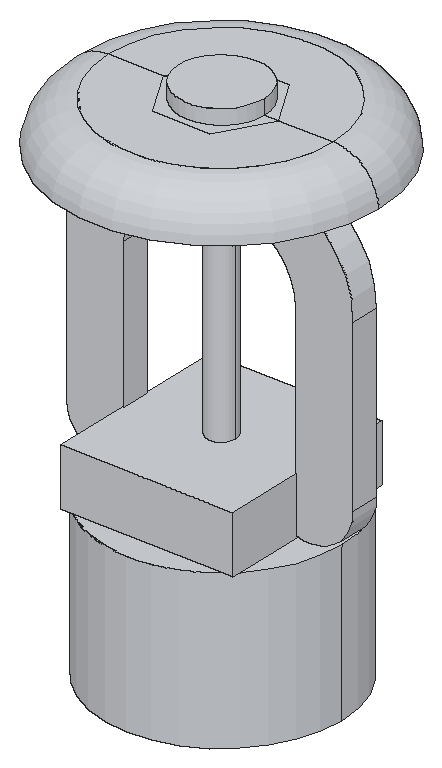
Revit family
Parameters (values of type "RASCO F1FR-300 UPRIGHT")
  Temperature Rating = 135 °F
  Response = 1
  RASCO SIN # = "R5622"
  RASCO Part # = "F1FRU0LW3"
  Pressure Rating = "300 PSI"
  Pressure Class = 1
  Orifice Size = 17/32"
  Orifice = (empty or 0)
  Model = "F1FR-300"
  Manufacturer = "RASCO"
  K-Factor = 8
  Description = "White Finish"
  Coverage = (empty or 0)
Reference planes (in)
  plane 1 "Center (Front/Back)": y = 0
  plane 2: z = 0
  plane 3 "Center (Left/Right)": x = 0
Dimensions and locks (in)
  aligned and locked: plane 2 to level
Nested families (in)
  nested 1: "F1FRU0LW3" at (-0.09246, -0.1868, 0), type "RASCO F1FR-300 UPRIGHT"
Connectors (in)
  piping at (-0.09246, -0.1868, 0)
    settings: on nested 1, index 1, connector radius 1/2", flow factor 0, pipe flow 0 GPM, pressure drop 0.00 psi, fitting loss kfactor 0, connector angle 0.00°, fixture units 0, flow configuration 0, flow direction 0, fitting loss method 0, system type 7, connector reference index -1, connector utility 0, adjustable connector no, is connector primary yes, fitting loss table "", connector description ""
Definition of nested family "F1FRU0LW3"
  Parameters (values of type "RASCO F1FR-300 UPRIGHT")
    Type Comments = ""
    Temperature Rating = 0 °F
    Response = (empty or 0)
    Pressure Rating = "0"
    Pressure Class = (empty or 0)
    Orifice Size = 0"
    Orifice = (empty or 0)
    Model = ""
    Manufacturer = ""
    K-Factor = 0
    Description = ""
    Coverage = (empty or 0)
    Assembly Code = ""
  Reference planes (in)
    plane 1 "Center (Front/Back)": y = 0
    plane 2: z = 0
    plane 3 "ref.2": z = 0.6875
    plane 4 "ref.3": z = 0.9375
    plane 5: x = -0.38065
    plane 6: x = 0.36935
    plane 7 "ref. side 1": y = 0.06402
    plane 8 "ref. side 2": y = -0.06098
    plane 9 "ref.4": z = 1.875
    plane 10 "ref.5": z = 2.3125
    plane 11 "ref.6": z = 2.4375
  Forms (in)
    Extrusion 1, solid
      sketch origin (0, 0, 0) x (1, 0, 0) y (0, 1, 0)
        loop
          circle (0, 0) r 0.5221
      from 0 to 0.6875
    Extrusion 2, solid
      sketch origin (-0.12185, 0.05177, 0.6875) x (1, 0, 0) y (0, 1, 0)
        loop
          line (-0.2588, 0.356) -> (-0.2588, -0.4565) -> (0.4912, -0.4565) -> (0.4912, 0.356) -> (-0.2588, 0.356)
      from 0 to 0.25
    Extrusion 3, solid
      sketch origin (0, 0, 0) x (1, 0, 0) y (0, 0, 1)
        loop
          line (-0.38065, 0.69674) -> (-0.38065, 1.58397)
          arc (-0.38065, 1.58397) -> (-0.29541, 1.78976) -> (-0.08962, 1.875) r 0.29103
          line (-0.08962, 1.875) -> (0.07524, 1.875)
          arc (0.07524, 1.875) -> (0.28321, 1.78886) -> (0.36935, 1.58089) r 0.29411
          line (0.36935, 1.58089) -> (0.36935, 0.69728)
          arc (0.36935, 0.69728) -> (0.54046, 0.72329) -> (0.61935, 0.87734) r 0.18984
          line (0.61935, 0.87734) -> (0.61935, 1.61676)
          arc (0.61935, 1.61676) -> (0.48879, 1.93194) -> (0.17361, 2.0625) r 0.44574
          line (0.17361, 2.0625) -> (-0.18509, 2.0625)
          arc (-0.18509, 2.0625) -> (-0.50015, 1.932) -> (-0.63065, 1.61694) r 0.44556
          line (-0.63065, 1.61694) -> (-0.63065, 0.87876)
          arc (-0.63065, 0.87876) -> (-0.55196, 0.72414) -> (-0.38065, 0.69674) r 0.19126
      from -0.06402 to 0.06098
    Extrusion 4, solid
      sketch origin (0, 0, 0.9375) x (-1, 0, 0) y (0, -1, 0)
        loop
          circle (0.00574, -0.00152) r 0.0625
      from 0 to 0.9375
    Extrusion 5, solid
      sketch origin (0, 0, 1.875) x (-1, 0, 0) y (0, -1, 0)
        loop
          circle (0.00574, -0.00152) r 0.1875
      from 0 to 0.4375
    Revolve 6, solid
      sketch origin (0, 0, -0.2777) x (1, 0, 0) y (0, 0, 1)
        loop
          line (-0.19324, 2.33367) -> (-0.19324, 2.52696) -> (-0.25733, 2.52696) -> (-0.49638, 2.52696)
          arc (-0.49638, 2.52696) -> (-0.63432, 2.47056) -> (-0.69321, 2.33367) r 0.19686
          line (-0.69321, 2.33367) -> (-0.19324, 2.33367)
        axis (-0.00574, 2.33367) -> (-0.00574, 2.52696)
      angle from 0 to 360
  Cuts and joins
    joined: Extrusion 1, Extrusion 2, Extrusion 4, Revolve 6
  Lines and regions (in)
    model lines
      curve 1: line (-0.00574, 0.06402, 1.875) -> (-0.00574, -0.06098, 1.875)
  Dimensions and locks (in)
    Extrusion 3 to Extrusion 3 = 0' - 1 1/4"
    Extrusion 5 to cut or joined group of Extrusion 1, Extrusion 2, Extrusion 4, Revolve 6 = 0' - 2 5/16"
